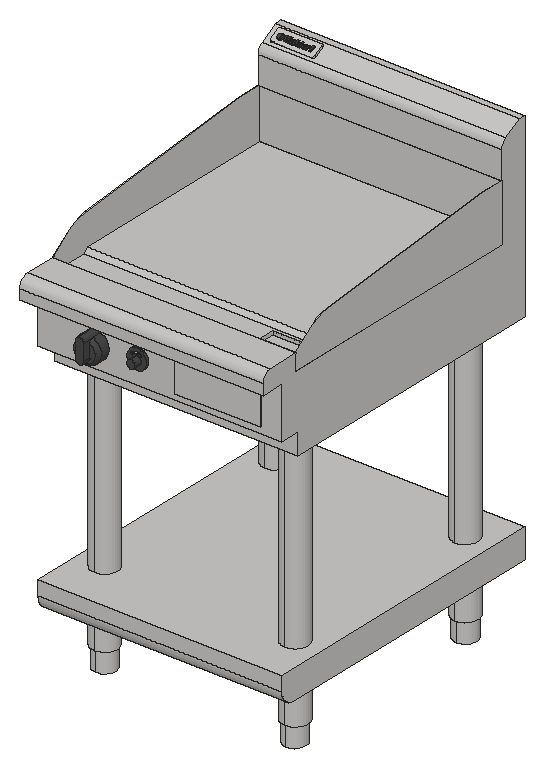
Revit family "QF_MOFFAT WALDORF_GP8600G-LS", category Specialty Equipment, Revit 2012
Parameters
  Weight in Pounds = 238.099  # constant formula
  Width [instance] = 600.00 mm  # constant formula
  URL Cutsheet = "www.moffat.com"
  URL = "www.moffat.com"
  Type Mark [instance] = ""
  Status [instance] = ""
  Specification by User [instance] = ""
  Specification by Manufacturer = ""
  Show Logo [instance] = yes
  Show Casters [instance] = no
  Serial Number = ""
  Seismic Rating = ""
  SMACNA No = ""
  Revision Code [instance] = ""
  Omniclass Number and Title = ""
  NAFEM Spec ID Number = ""
  Model = "GP8600G-LS"
  Mechanical Remarks = ""
  Mechanical Connection Type = ""
  Masterspec = ""
  Manufacturer = "MOFFAT WALDORF"
  Legs [instance] = not(Show Casters)  # yes
  Item Number [instance] = ""
  Installed By [instance] = ""
  Identify Quantity as Lot [instance] = yes
  Height = 1130.00 mm  # constant formula
  Gas Size = 3/4"
  Gas RI Height = 0.00 mm
  Gas KW = 14.7
  Gas Input = 50234.0 Btu/h
  Gas Connection Height = 0.00 mm
  Furnished By [instance] = ""
  Foodservice Equipment Identifier [instance] = yes
  Description = "GRIDDLE PLATE GAS ON LEG STAND"
  Depth [instance] = 805.00 mm  # constant formula
  CSI MasterFormat = ""
  CSI Master Format = ""
  Back Splash [instance] = 215.00 mm  # constant formula
Reference planes
  plane 1 "BACK": y = 0
  plane 2: z = 0
  plane 3 "LEFT": x = 0
  plane 4 "RIGHT": x = 600
  plane 5 "FRONT": y = -805
  plane 6 "TOP": z = 1130
  plane 7 "Center Y": x = 300
  plane 8 "Center X": y = -402.5
  plane 9 "Base Height": z = 150
  plane 10: z = 915
  plane 11: x = 65
  plane 12: x = 534
  plane 13: y = -625
  plane 14: y = -100
  plane 15: x = 470
  plane 16: z = 655
  plane 17: y = -32
Forms (mm)
  Extrusion 1, solid, material "QF_Finishes_Stainless Steel"
    sketch origin (0, 0, 0) x (0, 1, 0) y (0, 0, 1)
      loop
        line (0, 222.5) -> (-749, 222.5) -> (-749, 188)
        arc (-749, 188) -> (-737.87, 161.13) -> (-711, 150) r 38
        line (-711, 150) -> (0, 150) -> (0, 222.5)
      loop
        line (-805, 891) -> (-805, 866) -> (-749, 866) -> (-749, 740) -> (-699, 740) -> (-699, 685) -> (0, 685) -> (0, 1130) -> (-16.5, 1130) -> (-58, 1106.04)
        arc (-58, 1106.04) -> (-66.785, 1097.255) -> (-70, 1085.255) r 24
        line (-70, 1085.255) -> (-70, 875) -> (-705, 875) -> (-705, 915) -> (-781, 915)
        arc (-781, 915) -> (-797.971, 907.971) -> (-805, 891) r 24
    from 0 to 600
  Extrusion 2, solid, material "QF_Finishes_Stainless Steel"
    sketch origin (0, -699, 222.5) x (0, -1, 0) y (1, 0, 0)
      loop
        circle (-599, 65) r 31.75
      loop
        circle (-599, 534) r 31.75
      loop
        circle (-74, 65) r 31.75
      loop
        circle (-74, 534) r 31.75
    from 0 to 462.5
  Revolve 3, solid, material "QF_Finishes_Stainless Steel", visible <- "Legs"
    sketch origin (534, -210, 0) x (0, 1, 0) y (0, 0, -1)
      loop
        line (78.25, -150) -> (110, -150) -> (110, 0) -> (82.5, 0) -> (82.5, -50) -> (78.25, -50) -> (78.25, -150)
      axis (110, -150) -> (110, 0)
    angle from 0 to 360
  Revolve 4, solid, material "QF_Finishes_Stainless Steel"
    sketch origin (534, -735, 0) x (0, 1, 0) y (0, 0, -1)
      loop
        line (78.25, -150) -> (110, -150) -> (110, 0) -> (82.5, 0) -> (82.5, -50) -> (78.25, -50) -> (78.25, -150)
      axis (110, -150) -> (110, 0)
    angle from 0 to 360
  Revolve 5, solid, material "QF_Finishes_Stainless Steel", visible <- "Legs"
    sketch origin (65, -210, 0) x (0, 1, 0) y (0, 0, -1)
      loop
        line (78.25, -150) -> (110, -150) -> (110, 0) -> (82.5, 0) -> (82.5, -50) -> (78.25, -50) -> (78.25, -150)
      axis (110, -150) -> (110, 0)
    angle from 0 to 360
  Revolve 6, solid, material "QF_Finishes_Stainless Steel"
    sketch origin (65, -735, 0) x (0, 1, 0) y (0, 0, -1)
      loop
        line (78.25, -150) -> (110, -150) -> (110, 0) -> (82.5, 0) -> (82.5, -50) -> (78.25, -50) -> (78.25, -150)
      axis (110, -150) -> (110, 0)
    angle from 0 to 360
  Revolve 7, solid, material "QF_Finishes_Black"
    sketch origin (150, 0, 602.373) x (0, 1, 0) y (0, 0, -1)
      loop
        line (-782, -229.5) -> (-759, -229.5) -> (-759, -202) -> (-749, -202) -> (-749, -197) -> (-793, -197) -> (-793, -223.651) -> (-782, -229.5)
      axis (-793, -197) -> (-749, -197)
    angle from 0 to 360
  Extrusion 8, solid, material "QF_Finishes_Black"
    sketch origin (288.27, 0, 602.531) x (-1, 0, 0) y (0, 0, -1)
      loop
        arc (148.269, -184.969) -> (138.269, -174.969) -> (128.269, -184.969) r 10
        line (128.269, -184.969) -> (128.269, -223.969)
        arc (128.269, -223.969) -> (138.269, -233.969) -> (148.269, -223.969) r 10
        line (148.269, -223.969) -> (148.269, -184.969)
    from 759 to 808
  Extrusion 9, solid, material "QF_Finishes_Stainless Steel"
    sketch origin (0, -749, 866) x (0, 0, -1) y (1, 0, 0)
      loop
        line (24, 340) -> (111, 340) -> (111, 550) -> (24, 550) -> (24, 340)
    from 0 to 2.5
  Extrusion 10, solid, material "QF_Finishes_Stainless Steel"
    sketch origin (0, -751.5, 866) x (0, 0, -1) y (1, 0, 0)
      loop
        line (31, 550) -> (24, 550) -> (24, 340) -> (31, 340) -> (31, 550)
    from 0 to 5
  Extrusion 11, solid, material "QF_Finishes_Black"
    sketch origin (0, -749, 866) x (0, 0, -1) y (1, 0, 0)
      loop
        circle (66.25, 247.5) r 24
      loop
        arc (56.35, 262.413) -> (48.314, 247.625) -> (56.132, 232.719) r 17.868
        arc (56.132, 232.719) -> (56.612, 232.434) -> (57.127, 232.649) r 0.621
        arc (57.127, 232.649) -> (58.564, 235.208) -> (58.908, 238.122) r 7.495
        arc (58.908, 238.122) -> (58.704, 239.05) -> (58.256, 239.888) r 3.472
        arc (58.256, 239.888) -> (55.964, 247.351) -> (58.094, 254.862) r 13.786
        arc (58.094, 254.862) -> (58.734, 256.132) -> (58.999, 257.528) r 5.101
        arc (58.999, 257.528) -> (58.628, 260.047) -> (57.334, 262.239) r 6.611
        arc (57.334, 262.239) -> (56.872, 262.497) -> (56.35, 262.413) r 0.806
    from 0 to 5
  Extrusion 12, solid, material "QF_Finishes_Black"
    sketch origin (0, -754, 866) x (0, 0, -1) y (1, 0, 0)
      loop
        circle (69.75, 247.5) r 10
    from 0 to 18.251
  Extrusion 13, solid, material "QF_Finishes_Stainless Steel"
    sketch origin (0, -699, 685) x (1, 0, 0) y (0, -1, 0)
      loop
        circle (470, -667) r 13.5
    from 0 to 30
Cuts and joins
  joined: Extrusion 9, Extrusion 10
Lines and regions (mm)
  Split face 1
    outline origin (12.5, -16.5, 1130) x (0, -0.866025, -0.5) y (1, 0, 0)
      loop
        line (5.391, 151.462) -> (40.361, 151.462) -> (40.361, 169.241) -> (5.391, 169.241) -> (5.391, 151.462)
  Split face 2
    outline origin (66.25, -16.5, 1130) x (0, -0.866025, -0.5) y (1, 0, 0)
      loop
        line (5.391, 151.462) -> (40.361, 151.462) -> (40.361, 169.241) -> (5.391, 169.241) -> (5.391, 151.462)
  Split face 3
    outline origin (120, -16.5, 1130) x (0, -0.866025, -0.5) y (1, 0, 0)
      loop
        line (5.391, 151.462) -> (40.361, 151.462) -> (40.361, 169.241) -> (5.391, 169.241) -> (5.391, 151.462)
  Split face 4
    outline origin (173.75, -16.5, 1130) x (0, -0.866025, -0.5) y (1, 0, 0)
      loop
        line (5.391, 151.462) -> (40.361, 151.462) -> (40.361, 169.241) -> (5.391, 169.241) -> (5.391, 151.462)
  Split face 5
    outline origin (227.5, -16.5, 1130) x (0, -0.866025, -0.5) y (1, 0, 0)
      loop
        line (5.391, 151.462) -> (40.361, 151.462) -> (40.361, 169.241) -> (5.391, 169.241) -> (5.391, 151.462)
  Split face 6
    outline origin (281.25, -16.5, 1130) x (0, -0.866025, -0.5) y (1, 0, 0)
      loop
        line (5.391, 151.462) -> (40.361, 151.462) -> (40.361, 169.241) -> (5.391, 169.241) -> (5.391, 151.462)
  Split face 7
    outline origin (335, -16.5, 1130) x (0, -0.866025, -0.5) y (1, 0, 0)
      loop
        line (5.391, 151.462) -> (40.361, 151.462) -> (40.361, 169.241) -> (5.391, 169.241) -> (5.391, 151.462)
  symbolic lines
    curve 1: line (0, 0, 0) -> (0, -805, 0)
    curve 2: line (600, 0, 0) -> (0, 0, 0)
    curve 3: line (600, -805, 0) -> (600, 0, 0)
    curve 4: line (0, -70, 0) -> (600, -70, 0)
    curve 5: line (0, -805, 0) -> (600, -805, 0)
    curve 6: line (12.5, -20.958, 0) -> (121.5, -20.958, 0)
    curve 7: line (12.5, -51.234, 0) -> (12.5, -20.958, 0)
    curve 8: line (121.5, -20.958, 0) -> (121.5, -51.234, 0)
    curve 9: line (12.5, -51.234, 0) -> (121.5, -51.234, 0)
    curve 10: line (181.741, -21.168, 0) -> (181.741, -51.453, 0)
    curve 11: line (181.741, -51.453, 0) -> (163.962, -51.453, 0)
    curve 12: line (163.962, -51.453, 0) -> (163.962, -21.168, 0)
    curve 13: line (163.962, -21.168, 0) -> (181.741, -21.168, 0)
    curve 14: line (217.712, -51.453, 0) -> (217.712, -21.168, 0)
    curve 15: line (217.712, -21.168, 0) -> (235.491, -21.168, 0)
    curve 16: line (235.491, -21.168, 0) -> (235.491, -51.453, 0)
    curve 17: line (235.491, -51.453, 0) -> (217.712, -51.453, 0)
    curve 18: line (271.462, -51.453, 0) -> (271.462, -21.168, 0)
    curve 19: line (271.462, -21.168, 0) -> (289.241, -21.168, 0)
    curve 20: line (289.241, -21.168, 0) -> (289.241, -51.453, 0)
    curve 21: line (289.241, -51.453, 0) -> (271.462, -51.453, 0)
    curve 22: line (325.212, -21.168, 0) -> (325.212, -51.453, 0)
    curve 23: line (325.212, -51.453, 0) -> (342.991, -51.453, 0)
    curve 24: line (342.991, -51.453, 0) -> (342.991, -21.168, 0)
    curve 25: line (342.991, -21.168, 0) -> (325.212, -21.168, 0)
    curve 26: line (378.962, -51.453, 0) -> (378.962, -21.168, 0)
    curve 27: line (378.962, -21.168, 0) -> (396.741, -21.168, 0)
    curve 28: line (396.741, -21.168, 0) -> (396.741, -51.453, 0)
    curve 29: line (396.741, -51.453, 0) -> (378.962, -51.453, 0)
    curve 30: line (432.712, -21.168, 0) -> (432.712, -51.453, 0)
    curve 31: line (432.712, -51.453, 0) -> (450.491, -51.453, 0)
    curve 32: line (450.491, -51.453, 0) -> (450.491, -21.168, 0)
    curve 33: line (450.491, -21.168, 0) -> (432.712, -21.168, 0)
    curve 34: line (486.462, -51.453, 0) -> (486.462, -21.168, 0)
    curve 35: line (486.462, -21.168, 0) -> (504.241, -21.168, 0)
    curve 36: line (504.241, -21.168, 0) -> (504.241, -51.453, 0)
    curve 37: line (504.241, -51.453, 0) -> (486.462, -51.453, 0)
Dimensions and locks
  equal spacing: plane 3 "LEFT", plane 7 "Center Y", plane 4 "RIGHT"
  "Width": plane 3 "LEFT" to plane 4 "RIGHT"
  equal spacing: plane 5 "FRONT", plane 8 "Center X", plane 1 "BACK"
  "Depth": plane 5 "FRONT" to plane 1 "BACK"
  locked: plane 10 to level at 915
  locked: plane 9 "Base Height" to level at 150
  plane 6 "TOP" to nested 1 to nested 1 to plane 10 = 1.099 mm locked, 17.226 mm locked, 196.675 mm
  plane 13 to plane 14 = 525.00 mm
  plane 12 to plane 11 = 469.00 mm
  "Height": plane 6 "TOP" to level
  plane 15 to plane 4 "RIGHT" = 130.00 mm
  plane 16 to level = 655.00 mm
  plane 17 to plane 1 "BACK" = 32.00 mm
  aligned and locked: level to plane 2
Automatic sketch dimensions
  plane 1 "BACK" to curve 1 = 0.00 mm
  curve 1 to plane 3 "LEFT" = 0.00 mm
  curve 3 to plane 4 "RIGHT" = 0.00 mm
  plane 5 "FRONT" to curve 5 = 0.00 mm
  plane 3 "LEFT" to curve 6 = 12.50 mm
  plane 11 to curve 9 = 56.50 mm
  plane 14 to curve 4 = 30.00 mm
  curve 4 to curve 7 = 18.766 mm
  plane 1 "BACK" to curve 6 = 20.958 mm
  Extrusion 1 sketch curve to plane 5 "FRONT" = 0.00 mm
  Extrusion 1 sketch curve to plane 10 = 0.00 mm
  Extrusion 1 sketch curve to plane 9 "Base Height" = 0.00 mm
  Extrusion 1 sketch curve to plane 6 "TOP" = 0.00 mm
  Extrusion 1 sketch curve to plane 1 "BACK" = 0.00 mm  (x2)
  Extrusion 1 sketch curve to plane 5 "FRONT" = 24.00 mm
  Extrusion 1 sketch curve to plane 5 "FRONT" = 56.00 mm  (x2)
  Extrusion 1 sketch curve to Extrusion 1 sketch curve = 38.00 mm
  Extrusion 1 sketch curve to Extrusion 1 sketch curve = 44.00 mm
  Extrusion 1 sketch curve to Extrusion 1 sketch curve = 50.00 mm
  plane 14 to Extrusion 1 sketch curve = 30.00 mm
  Extrusion 1 sketch curve to Extrusion 1 sketch curve = 12.00 mm  (x2)
  Extrusion 1 sketch curve to Extrusion 1 sketch curve = 16.50 mm
  Extrusion 1 sketch curve to Extrusion 1 sketch curve = 72.50 mm
  Extrusion 1 sketch curve to plane 10 = 230.00 mm
  Extrusion 1 sketch curve to Extrusion 1 sketch curve = 55.00 mm
  Extrusion 1 sketch curve to Extrusion 1 sketch curve = 25.00 mm
  Extrusion 1 sketch curve to plane 10 = 40.00 mm
  Extrusion 1 sketch curve to plane 6 "TOP" = 44.745 mm
  Extrusion 2 sketch curve to Extrusion 2 sketch curve = 0.00 mm  (x8)
  Extrusion 1 to Extrusion 2 sketch curve = 68.25 mm  (x2)
  Extrusion 2 sketch curve to Extrusion 2 sketch curve = 31.75 mm  (x4)
  Extrusion 1 to Extrusion 2 sketch curve = 155.75 mm  (x2)
  Extrusion 1 to Extrusion 2 sketch curve = 65.00 mm  (x2)
  Extrusion 1 to Extrusion 2 sketch curve = 66.00 mm  (x2)
  Revolve 3 sketch curve to plane 9 "Base Height" = 0.00 mm
  Revolve 3 sketch curve to level = 0.00 mm
  Revolve 3 sketch curve to plane 14 = 0.00 mm  (x2)
  Revolve 3 sketch curve to plane 14 = 27.50 mm
  Revolve 3 sketch curve to plane 14 = 31.75 mm
  level to Revolve 3 sketch curve = 50.00 mm
  Revolve 3 sketch curve to Revolve 3 sketch curve = 0.00 mm
  Revolve 3 sketch curve to Revolve 3 sketch curve = 55.00 mm
  Revolve 4 sketch curve to plane 9 "Base Height" = 0.00 mm
  Revolve 4 sketch curve to level = 0.00 mm
  Revolve 4 sketch curve to plane 13 = 0.00 mm  (x2)
  Revolve 4 sketch curve to plane 13 = 27.50 mm
  Revolve 4 sketch curve to plane 13 = 31.75 mm
  level to Revolve 4 sketch curve = 50.00 mm
  Revolve 4 sketch curve to Revolve 4 sketch curve = 0.00 mm
  Revolve 4 sketch curve to Revolve 4 sketch curve = 55.00 mm
  Revolve 5 sketch curve to plane 9 "Base Height" = 0.00 mm
  Revolve 5 sketch curve to level = 0.00 mm
  Revolve 5 sketch curve to plane 14 = 0.00 mm  (x2)
  Revolve 5 sketch curve to plane 14 = 27.50 mm
  Revolve 5 sketch curve to plane 14 = 31.75 mm
  level to Revolve 5 sketch curve = 50.00 mm
  Revolve 5 sketch curve to Revolve 5 sketch curve = 0.00 mm
  Revolve 5 sketch curve to Revolve 5 sketch curve = 55.00 mm
  Revolve 6 sketch curve to plane 9 "Base Height" = 0.00 mm
  Revolve 6 sketch curve to level = 0.00 mm
  Revolve 6 sketch curve to plane 13 = 0.00 mm  (x2)
  Revolve 6 sketch curve to plane 13 = 27.50 mm
  Revolve 6 sketch curve to plane 13 = 31.75 mm
  level to Revolve 6 sketch curve = 50.00 mm
  Revolve 6 sketch curve to Revolve 6 sketch curve = 0.00 mm
  Revolve 6 sketch curve to Revolve 6 sketch curve = 55.00 mm
  Extrusion 1 to Split face 1 sketch curve = 5.391 mm
  Split face 1 sketch curve to Extrusion 1 = 7.559 mm
  Split face 1 sketch curve to Extrusion 1 = 163.962 mm
  Split face 1 sketch curve to Split face 1 sketch curve = 17.779 mm
  Extrusion 1 to Split face 2 sketch curve = 5.391 mm
  Split face 2 sketch curve to Extrusion 1 = 7.559 mm
  Split face 2 sketch curve to Extrusion 1 = 217.712 mm
  Split face 2 sketch curve to Split face 2 sketch curve = 17.779 mm
  Extrusion 1 to Split face 3 sketch curve = 5.391 mm
  Split face 3 sketch curve to Extrusion 1 = 7.559 mm
  Split face 3 sketch curve to Extrusion 1 = 271.462 mm
  Split face 3 sketch curve to Split face 3 sketch curve = 17.779 mm
  Extrusion 1 to Split face 4 sketch curve = 5.391 mm
  Split face 4 sketch curve to Extrusion 1 = 7.559 mm
  Split face 4 sketch curve to Extrusion 1 = 274.788 mm
  Split face 4 sketch curve to Split face 4 sketch curve = 17.779 mm
  Extrusion 1 to Split face 5 sketch curve = 5.391 mm
  Split face 5 sketch curve to Extrusion 1 = 7.559 mm
  Split face 5 sketch curve to Extrusion 1 = 221.038 mm
  Split face 5 sketch curve to Split face 5 sketch curve = 17.779 mm
  Extrusion 1 to Split face 6 sketch curve = 5.391 mm
  Split face 6 sketch curve to Extrusion 1 = 7.559 mm
  Split face 6 sketch curve to Extrusion 1 = 167.288 mm
  Split face 6 sketch curve to Split face 6 sketch curve = 17.779 mm
  Extrusion 1 to Split face 7 sketch curve = 5.391 mm
  Split face 7 sketch curve to Extrusion 1 = 7.559 mm
  Split face 7 sketch curve to Extrusion 1 = 113.538 mm
  Split face 7 sketch curve to Split face 7 sketch curve = 17.779 mm
  curve 8 to curve 12 = 42.462 mm
  curve 12 to curve 13 = 17.779 mm
  curve 12 to curve 8 = 0.219 mm
  plane 1 "BACK" to curve 10 = 21.168 mm
  curve 10 to curve 15 = 35.971 mm
  curve 14 to curve 17 = 17.779 mm
  curve 10 to curve 17 = 0.00 mm
  plane 1 "BACK" to curve 15 = 21.168 mm
  curve 18 to plane 7 "Center Y" = 28.538 mm
  curve 21 to plane 7 "Center Y" = 10.759 mm
  curve 16 to curve 18 = 0.00 mm
  plane 1 "BACK" to curve 20 = 21.168 mm
  plane 7 "Center Y" to curve 23 = 25.212 mm
  curve 22 to curve 25 = 17.779 mm
  plane 14 to curve 24 = 48.547 mm
  plane 1 "BACK" to curve 25 = 21.168 mm
  curve 24 to curve 27 = 35.971 mm
  curve 26 to curve 29 = 17.779 mm
  plane 14 to curve 29 = 48.547 mm
  plane 1 "BACK" to curve 26 = 21.168 mm
  curve 28 to curve 30 = 35.971 mm
  curve 30 to curve 33 = 17.779 mm
  plane 14 to curve 32 = 48.547 mm
  plane 1 "BACK" to curve 33 = 21.168 mm
  curve 31 to curve 34 = 35.971 mm
  curve 34 to curve 37 = 17.779 mm
  plane 14 to curve 37 = 48.547 mm
  plane 1 "BACK" to curve 34 = 21.168 mm
  Revolve 7 sketch curve to plane 5 "FRONT" = 12.00 mm
  Revolve 7 sketch curve to Revolve 7 sketch curve = 0.00 mm  (x2)
  Revolve 7 sketch curve to Revolve 7 sketch curve = 11.00 mm
  Revolve 7 sketch curve to Revolve 7 sketch curve = 12.70 mm
  Revolve 7 sketch curve to Revolve 7 sketch curve = 23.00 mm
  Revolve 7 sketch curve to Revolve 7 sketch curve = 10.00 mm
  plane 9 "Base Height" to Revolve 7 sketch curve = 681.873 mm
  Revolve 7 sketch curve to Revolve 7 sketch curve = 5.849 mm
  Revolve 7 sketch curve to Revolve 7 sketch curve = 27.50 mm
  Revolve 7 sketch curve to Revolve 7 sketch curve = 5.00 mm
  plane 11 to Extrusion 8 sketch curve = 95.001 mm
  Extrusion 8 sketch curve to Extrusion 8 sketch curve = 10.00 mm
  plane 9 "Base Height" to Extrusion 8 sketch curve = 676.50 mm
  plane 9 "Base Height" to Extrusion 8 sketch curve = 637.50 mm
  Extrusion 10 sketch curve to Extrusion 9 = 0.00 mm  (x2)
  Extrusion 9 to Extrusion 10 sketch curve = 0.00 mm
  Extrusion 10 sketch curve to Extrusion 9 = 7.00 mm
  Extrusion 1 to Extrusion 11 sketch curve = 51.437 mm
  Extrusion 11 sketch curve to Extrusion 11 sketch curve = 0.958 mm
  Extrusion 11 sketch curve to Extrusion 11 sketch curve = 1.509 mm
  Extrusion 11 sketch curve to Extrusion 11 sketch curve = 4.01 mm
  Extrusion 11 sketch curve to Extrusion 11 sketch curve = 0.685 mm
  Extrusion 11 sketch curve to Extrusion 11 sketch curve = 2.447 mm
  Extrusion 11 sketch curve to Extrusion 11 sketch curve = 0.524 mm
  Extrusion 11 sketch curve to Extrusion 11 sketch curve = 0.381 mm
  Extrusion 11 sketch curve to Extrusion 11 sketch curve = 0.472 mm
  Extrusion 11 sketch curve to Extrusion 11 sketch curve = 0.00 mm  (x5)
  Extrusion 11 sketch curve to Extrusion 11 sketch curve = 0.602 mm
  Extrusion 11 sketch curve to Extrusion 11 sketch curve = 4.19 mm
  Extrusion 11 sketch curve to Extrusion 11 sketch curve = 2.809 mm
  Extrusion 11 sketch curve to Extrusion 11 sketch curve = 0.652 mm
  Extrusion 11 sketch curve to Extrusion 11 sketch curve = 0.905 mm
  Extrusion 11 sketch curve to Extrusion 11 sketch curve = 8.087 mm
  Extrusion 11 sketch curve to Extrusion 11 sketch curve = 0.069 mm
  Extrusion 11 sketch curve to Extrusion 11 sketch curve = 3.50 mm
  Extrusion 1 to Extrusion 11 sketch curve = 232.649 mm
  Extrusion 11 sketch curve to Extrusion 11 sketch curve = 0.07 mm
  Extrusion 11 sketch curve to Extrusion 11 sketch curve = 7.606 mm
  Extrusion 11 sketch curve to Extrusion 11 sketch curve = 0.007 mm
  Extrusion 1 to Extrusion 9 sketch curve = 24.00 mm
  Extrusion 9 sketch curve to Extrusion 1 = 15.00 mm
  Extrusion 1 to Extrusion 9 sketch curve = 260.00 mm
  Extrusion 1 to Extrusion 9 sketch curve = 50.00 mm
  Extrusion 13 sketch curve to Extrusion 1 = 32.00 mm
  Extrusion 13 sketch curve to Extrusion 1 = 130.00 mm
  radius of Extrusion 12 sketch curve to Extrusion 11 = 3.786 mm
  radius of Extrusion 11 sketch curve = 24.00 mm
  radius of Extrusion 13 sketch curve = 13.50 mm
Nested families
  nested 1: "WALDORF-LOGO" at (12.5, -35.273, 1102.604), visible <- "Show Logo", type "WALDORF-LOGO", detail levels medium+fine
    with Type Mark "", Status "", Specification by User "", Revision Code "", Item Number "", Installed By "", Identify Quantity as Lot yes, Furnished By "", Foodservice Equipment Identifier yes
  nested 2: "GP8600G-LS-CASTERS" at (65, -127.5, 0), Show Casters <- "Show Casters", visible <- "Show Casters", type "GP8600G-LS-CASTERS"
    with Type Mark "", Status "", Specification by User "", Show Casters no, Revision Code "", Item Number "", Installed By "", Identify Quantity as Lot yes, Furnished By "", Foodservice Equipment Identifier yes
  nested 3: "GP8600G-LS-CASTERS" at (535, -127.5, 0), Show Casters <- "Show Casters", visible <- "Show Casters", type "GP8600G-LS-CASTERS"
    with Type Mark "", Status "", Specification by User "", Show Casters no, Revision Code "", Item Number "", Installed By "", Identify Quantity as Lot yes, Furnished By "", Foodservice Equipment Identifier yes
  nested 4: "GAS GRIDDLE PLATE" at (0, -70, 884.5), type "GAS GRIDDLE PLATE"
    with Type Mark "", Status "", Specification by User "", Show Clearance yes, Revision Code "", Number of Poles 1, Mechanical Remarks "", Mechanical Connection Type "", Item Number "", Installed By "", Identify Quantity as Lot yes, Gas RI Height 0.00 mm, Gas KW 0, Gas Input 0.0 Btu/h, Furnished By "", Foodservice Equipment Identifier yes, Electrical Remarks "", Electric Connection Type "", Elec Conn RI Height 0.00 mm, Elec Conn Connection Height 0.00 mm
Connectors
  piping at (470, -32, 655)
    settings: on Extrusion 13, index 1, connector radius 0.37402", flow factor 0, pipe flow 0 GPM, pressure drop 0.00 psi, fitting loss kfactor 0, connector angle 0.00°, fixture units 0, engagement length 0.00 mm, flow configuration 1, flow direction 1, fitting loss method 0, system type 7, joint type 0, gender type 0, connector reference index -1, connector utility 0, adjustable connector no, is connector primary yes, fitting loss table "", connector description "GAS CONNECTION"
Definition of nested family "WALDORF-LOGO"
  Parameters (values of type "BT8300-CB-LOGO")
    Weight in Pounds = 0
    URL Cutsheet = ""
    Type Mark [instance] = ""
    Status [instance] = ""
    Specification by User [instance] = ""
    Specification by Manufacturer = ""
    Show Logo [instance] = yes
    Serial Number = ""
    Seismic Rating = ""
    SMACNA No = ""
    Revision Code [instance] = ""
    Omniclass Number and Title = ""
    NAFEM Spec ID Number = ""
    Masterspec = ""
    Item Number [instance] = ""
    Installed By [instance] = ""
    Identify Quantity as Lot [instance] = yes
    Furnished By [instance] = ""
    Foodservice Equipment Identifier [instance] = yes
    CSI MasterFormat = ""
    CSI Master Format = ""
  Reference planes
    plane 1 "BACK": y = 0
    plane 2: z = 0
    plane 3 "LEFT": x = 0
    plane 4 "RIGHT": x = 109
    plane 5 "FRONT": y = -1.588
    plane 6 "TOP": z = 34.14
    plane 7 "Center Y": x = 54.5
    plane 8 "Center X": y = -0.794
  Forms (mm)
    Extrusion 1, solid, material "QF_Finishes_Stainless Steel", visible <- "Show Logo"
      sketch origin (0, -15.16, 7.701) x (1, 0, 0) y (0, 0.863373, 0.504566)
        loop
          arc (5, 34.14) -> (1.464, 32.676) -> (0, 29.14) r 5
          line (0, 29.14) -> (0, 5)
          arc (0, 5) -> (1.464, 1.464) -> (5, 0) r 5
          line (5, 0) -> (104, 0)
          arc (104, 0) -> (107.536, 1.464) -> (109, 5) r 5
          line (109, 5) -> (109, 29.14)
          arc (109, 29.14) -> (107.536, 32.676) -> (104, 34.14) r 5
          line (104, 34.14) -> (5, 34.14)
      from 0 to 1.588
    Extrusion 2, solid, material "QF_Finishes_Black", visible <- "Show Logo"
      sketch origin (0, -15.961, 9.072) x (1, 0, 0) y (0, 0.863373, 0.504566)
        loop
          line (24.772, 23.214) -> (27.992, 10.301) -> (31.551, 10.301) -> (33.443, 17.364) -> (35.205, 10.301) -> (39.332, 10.301) -> (42.077, 23.214) -> (38.352, 23.214) -> (36.676, 15.33) -> (35, 23.214) -> (31.752, 23.214) -> (30.076, 15.33) -> (28.4, 23.214) -> (24.772, 23.214)
        loop
          line (42.272, 17.055) -> (45.703, 17.055)
          spline (45.703, 17.055) -> (45.741, 17.285) -> (45.852, 17.499) -> (46.028, 17.682) -> (46.258, 17.823) -> (46.526, 17.912) -> (46.813, 17.942) -> (47.1, 17.912) -> (47.368, 17.823) -> (47.597, 17.682) -> (47.774, 17.499) -> (47.884, 17.285) -> (47.922, 17.055)
          line (47.922, 17.055) -> (47.922, 16.222)
          arc (47.922, 16.222) -> (45.742, 16.014) -> (43.665, 15.317) r 9.604
          arc (43.665, 15.317) -> (41.924, 12.809) -> (43.665, 10.301) r 2.677
          arc (43.665, 10.301) -> (45.527, 10.353) -> (47.332, 10.816) r 8.365
          line (47.332, 10.816) -> (48.092, 11.105) -> (48.092, 10.301) -> (51.817, 10.301) -> (51.817, 17.055)
          spline (51.817, 17.055) -> (51.654, 17.821) -> (51.178, 18.535) -> (50.419, 19.148) -> (49.431, 19.619) -> (48.28, 19.914) -> (47.044, 20.015) -> (45.809, 19.914) -> (44.658, 19.619) -> (43.67, 19.148) -> (42.911, 18.535) -> (42.434, 17.821) -> (42.272, 17.055)
        loop
          line (53.151, 23.214) -> (53.151, 10.301) -> (57.37, 10.301) -> (57.37, 23.214) -> (53.151, 23.214)
        loop
          line (64.874, 23.214) -> (64.874, 18.857)
          arc (64.874, 18.857) -> (58.083, 15.11) -> (64.874, 11.363) r 4.429
          line (64.874, 11.363) -> (64.874, 10.301) -> (68.378, 10.301) -> (68.378, 23.214) -> (64.874, 23.214)
        loop
          arc (64.874, 16.083) -> (61.41, 14.987) -> (64.874, 13.891) r 1.905
          line (64.874, 13.891) -> (64.874, 16.083)
        loop
          circle (74.623, 15.223) r 5
        loop
          spline (74.623, 17.856) -> (74.355, 17.766) -> (74.105, 17.503) -> (73.891, 17.084) -> (73.726, 16.539) -> (73.623, 15.904) -> (73.588, 15.223) -> (73.623, 14.541) -> (73.726, 13.906) -> (73.891, 13.361) -> (74.105, 12.942) -> (74.355, 12.679) -> (74.623, 12.59)
          spline (74.623, 12.59) -> (74.891, 12.679) -> (75.141, 12.942) -> (75.355, 13.361) -> (75.52, 13.906) -> (75.623, 14.541) -> (75.659, 15.223) -> (75.623, 15.904) -> (75.52, 16.539) -> (75.355, 17.084) -> (75.141, 17.503) -> (74.891, 17.766) -> (74.623, 17.856)
        loop
          line (81.255, 19.813) -> (81.255, 10.301) -> (84.834, 10.301) -> (84.834, 14.176)
          arc (84.834, 14.176) -> (85.854, 16.093) -> (88.013, 16.32) r 2.313
          line (88.013, 16.32) -> (88.013, 19.813) -> (87.161, 19.813)
          arc (87.161, 19.813) -> (85.526, 19.266) -> (84.549, 17.844) r 2.717
          line (84.549, 17.844) -> (84.549, 19.813) -> (81.255, 19.813)
        loop
          line (90.249, 19.813) -> (88.91, 19.813) -> (88.91, 17.614) -> (90.249, 17.614) -> (90.249, 10.301) -> (93.998, 10.301) -> (93.998, 17.614) -> (95.418, 17.614) -> (95.418, 19.813) -> (93.998, 19.813)
          arc (93.998, 19.813) -> (94.414, 20.817) -> (95.418, 21.233) r 1.42
          line (95.418, 21.233) -> (95.418, 23.602) -> (93.317, 23.602)
          arc (93.317, 23.602) -> (91.343, 22.903) -> (90.249, 21.118) r 3.137
          line (90.249, 21.118) -> (90.249, 19.813)
        loop
          arc (15.241, 23.571) -> (8.392, 16.525) -> (15.241, 9.479) r 7.049
          line (15.241, 9.479) -> (15.241, 23.571)
        loop
          line (15.641, 23.571) -> (15.641, 9.479)
          arc (15.641, 9.479) -> (22.49, 16.525) -> (15.641, 23.571) r 7.049
        loop
          arc (47.922, 14.711) -> (46.266, 13.749) -> (47.922, 12.787) r 1.107
          line (47.922, 12.787) -> (47.922, 14.711)
      from 0 to 0.2
  Dimensions and locks
    equal spacing: plane 3 "LEFT", plane 7 "Center Y", plane 4 "RIGHT"
    plane 3 "LEFT" to plane 4 "RIGHT" = 109.00 mm
    equal spacing: plane 5 "FRONT", plane 8 "Center X", plane 1 "BACK"
    plane 5 "FRONT" to plane 1 "BACK" = 1.588 mm
    aligned and locked: level to plane 2
  Automatic sketch dimensions
    Extrusion 1 sketch curve to plane 3 "LEFT" = 0.00 mm
    Extrusion 1 sketch curve to plane 4 "RIGHT" = 0.00 mm
    plane 3 "LEFT" to Extrusion 1 sketch curve = 5.00 mm  (x2)
    plane 4 "RIGHT" to Extrusion 1 sketch curve = 5.00 mm  (x2)
    Extrusion 1 sketch curve to Extrusion 1 sketch curve = 24.14 mm
    Extrusion 2 sketch curve to Extrusion 2 sketch curve = 0.00 mm  (x14)
    Extrusion 2 sketch curve to Extrusion 1 = 15.241 mm
    Extrusion 2 sketch curve to Extrusion 2 sketch curve = 0.20 mm
    Extrusion 2 sketch curve to Extrusion 2 sketch curve = 0.40 mm
    Extrusion 2 sketch curve to Extrusion 2 sketch curve = 9.131 mm
    Extrusion 2 sketch curve to Extrusion 1 = 10.301 mm  (x2)
    Extrusion 2 sketch curve to Extrusion 2 sketch curve = 12.351 mm
    Extrusion 2 sketch curve to Extrusion 2 sketch curve = 3.628 mm
    Extrusion 2 sketch curve to Extrusion 2 sketch curve = 2.084 mm
    Extrusion 2 sketch curve to Extrusion 2 sketch curve = 3.559 mm
    Extrusion 2 sketch curve to Extrusion 1 = 10.926 mm  (x2)
    Extrusion 2 sketch curve to Extrusion 2 sketch curve = 3.352 mm  (x2)
    Extrusion 2 sketch curve to Extrusion 2 sketch curve = 3.367 mm
    Extrusion 2 sketch curve to Extrusion 2 sketch curve = 3.249 mm
    Extrusion 2 sketch curve to Extrusion 2 sketch curve = 3.654 mm
    Extrusion 2 sketch curve to Extrusion 1 = 15.33 mm
    Extrusion 2 sketch curve to Extrusion 2 sketch curve = 3.233 mm
    Extrusion 2 sketch curve to Extrusion 2 sketch curve = 4.128 mm
    Extrusion 2 sketch curve to Extrusion 2 sketch curve = 3.725 mm
    Extrusion 2 sketch curve to Extrusion 2 sketch curve = 5.596 mm
    Extrusion 2 sketch curve to Extrusion 2 sketch curve = 4.333 mm
    Extrusion 2 sketch curve to Extrusion 2 sketch curve = 1.394 mm
    Extrusion 2 sketch curve to Extrusion 2 sketch curve = 2.092 mm
    Extrusion 2 sketch curve to Extrusion 2 sketch curve = 0.936 mm
    Extrusion 2 sketch curve to Extrusion 2 sketch curve = 1.34 mm
    Extrusion 2 sketch curve to Extrusion 2 sketch curve = 1.109 mm
    Extrusion 2 sketch curve to Extrusion 2 sketch curve = 0.232 mm
    Extrusion 2 sketch curve to Extrusion 2 sketch curve = 2.731 mm
    Extrusion 2 sketch curve to Extrusion 2 sketch curve = 0.549 mm  (x2)
    Extrusion 2 sketch curve to Extrusion 2 sketch curve = 0.407 mm
    Extrusion 2 sketch curve to Extrusion 2 sketch curve = 0.76 mm
    Extrusion 2 sketch curve to Extrusion 2 sketch curve = 1.334 mm
    Extrusion 2 sketch curve to Extrusion 2 sketch curve = 4.219 mm
    Extrusion 2 sketch curve to Extrusion 2 sketch curve = 5.142 mm
    Extrusion 2 sketch curve to Extrusion 2 sketch curve = 0.803 mm
    Extrusion 2 sketch curve to Extrusion 2 sketch curve = 1.558 mm
    Extrusion 2 sketch curve to Extrusion 2 sketch curve = 3.504 mm
    Extrusion 2 sketch curve to Extrusion 2 sketch curve = 6.245 mm
    Extrusion 2 sketch curve to Extrusion 2 sketch curve = 6.632 mm
    Extrusion 2 sketch curve to Extrusion 2 sketch curve = 3.294 mm
    Extrusion 2 sketch curve to Extrusion 2 sketch curve = 3.579 mm
    Extrusion 2 sketch curve to Extrusion 2 sketch curve = 2.313 mm
    Extrusion 2 sketch curve to Extrusion 2 sketch curve = 2.612 mm
    Extrusion 2 sketch curve to Extrusion 2 sketch curve = 0.852 mm
    Extrusion 2 sketch curve to Extrusion 2 sketch curve = 0.897 mm
    Extrusion 2 sketch curve to Extrusion 2 sketch curve = 3.102 mm
    Extrusion 2 sketch curve to Extrusion 2 sketch curve = 1.338 mm
    Extrusion 2 sketch curve to Extrusion 2 sketch curve = 3.068 mm
    Extrusion 2 sketch curve to Extrusion 2 sketch curve = 0.681 mm
    Extrusion 2 sketch curve to Extrusion 2 sketch curve = 3.749 mm
    Extrusion 2 sketch curve to Extrusion 2 sketch curve = 1.42 mm
    Extrusion 2 sketch curve to Extrusion 2 sketch curve = 5.029 mm  (x2)
    Extrusion 2 sketch curve to Extrusion 1 = 9.479 mm
    Extrusion 2 sketch curve to Extrusion 2 sketch curve = 3.681 mm
    Extrusion 2 sketch curve to Extrusion 2 sketch curve = 0.515 mm
    Extrusion 2 sketch curve to Extrusion 2 sketch curve = 0.804 mm
    Extrusion 2 sketch curve to Extrusion 2 sketch curve = 1.062 mm
    Extrusion 2 sketch curve to Extrusion 2 sketch curve = 1.682 mm
    Extrusion 2 sketch curve to Extrusion 2 sketch curve = 2.508 mm
    Extrusion 2 sketch curve to Extrusion 2 sketch curve = 0.962 mm
    Extrusion 2 sketch curve to Extrusion 2 sketch curve = 2.528 mm
    Extrusion 2 sketch curve to Extrusion 2 sketch curve = 3.875 mm
    Extrusion 2 sketch curve to Extrusion 2 sketch curve = 1.096 mm
    Extrusion 2 sketch curve to Extrusion 2 sketch curve = 0.123 mm
    Extrusion 2 sketch curve to Extrusion 2 sketch curve = 4.922 mm
    Extrusion 2 sketch curve to Extrusion 2 sketch curve = 7.046 mm
    Extrusion 2 sketch curve to Extrusion 2 sketch curve = 0.833 mm
    Extrusion 2 sketch curve to Extrusion 2 sketch curve = 0.776 mm
    Extrusion 2 sketch curve to Extrusion 2 sketch curve = 2.034 mm
    Extrusion 2 sketch curve to Extrusion 2 sketch curve = 7.314 mm
    Extrusion 2 sketch curve to Extrusion 2 sketch curve = 1.295 mm
    Extrusion 2 sketch curve to Extrusion 2 sketch curve = 0.749 mm
    Extrusion 2 sketch curve to Extrusion 2 sketch curve = 2.633 mm
    Extrusion 2 sketch curve to Extrusion 2 sketch curve = 2.198 mm  (x2)
    Extrusion 2 sketch curve to Extrusion 2 sketch curve = 1.968 mm
    Extrusion 2 sketch curve to Extrusion 2 sketch curve = 0.653 mm
    Extrusion 2 sketch curve to Extrusion 2 sketch curve = 1.305 mm
    Extrusion 2 sketch curve to Extrusion 2 sketch curve = 4.357 mm
    Extrusion 2 sketch curve to Extrusion 2 sketch curve = 6.159 mm
    radius of Extrusion 2 sketch curve = 5.00 mm
Definition of nested family "GAS GRIDDLE PLATE"
  Parameters (values of type "Family2")
    Weight in Pounds = 0
    Watts = 0 W
    Volts = 0 V
    URL Cutsheet = ""
    Type Mark [instance] = ""
    Status [instance] = ""
    Specification by User [instance] = ""
    Specification by Manufacturer = ""
    Show Clearance [instance] = yes
    Serial Number = ""
    Seismic Rating = ""
    SMACNA No = ""
    Revision Code [instance] = ""
    Phase = 1
    Omniclass Number and Title = ""
    Number of Poles [instance] = 1
    NAFEM Spec ID Number = ""
    Min Ckt Ampacity = 0 A
    Mechanical Remarks [instance] = ""
    Mechanical Connection Type [instance] = ""
    Max Overcurrent Protection = 0 A
    Masterspec = ""
    Item Number [instance] = ""
    Installed By [instance] = ""
    Identify Quantity as Lot [instance] = yes
    HP = ""
    Gas Size = 0"
    Gas RI Height [instance] = 0.00 mm
    Gas KW [instance] = 0
    Gas Input [instance] = 0.0 Btu/h
    Gas Connection Height = 0.00 mm
    Furnished By [instance] = ""
    Foodservice Equipment Identifier [instance] = yes
    FL Amps = 0 A
    Electrical Remarks [instance] = ""
    Electric Connection Type [instance] = ""
    Elec Conn RI Height [instance] = 0.00 mm
    Elec Conn Connection Height [instance] = 0.00 mm
    Cycle = 0 Hz
    Conn Plug = ""
    Conn Conduit = yes
    CSI MasterFormat = ""
    CSI Master Format = ""
    Apparent Power = if(Phase = 3, Volts * FL Amps * 1.73, Volts * FL Amps)  # 0 VA
  Reference planes
    plane 1 "BACK": y = 0
    plane 2: z = 0
    plane 3 "LEFT": x = 0
    plane 4 "RIGHT": x = 600
    plane 5 "FRONT": y = -634.4
    plane 6 "TOP": z = 142.5
    plane 7 "Center Y": x = 300
    plane 8 "Center X": y = -317.2
  Forms (mm)
    Extrusion 1, solid, material "QF_Finishes_Stainless Steel"
      sketch origin (0, 70.003, -884.5) x (0, 1, 0) y (0, 0, 1)
        loop
          line (-70, 875) -> (-70, 1017.5) -> (-126.948, 1017.5) -> (-604.433, 971.523)
          arc (-604.433, 971.523) -> (-629.46, 965.803) -> (-652.206, 953.899) r 100
          line (-652.206, 953.899) -> (-704.403, 917.35) -> (-704.403, 875) -> (-70, 875)
      from 0 to 1.8
    Extrusion 2, solid, material "QF_Finishes_Stainless Steel"
      sketch origin (600, 70.003, -884.5) x (0, -1, 0) y (0, 0, 1)
        loop
          line (70, 875) -> (704.403, 875) -> (704.403, 917.35) -> (652.206, 953.899)
          arc (652.206, 953.899) -> (629.46, 965.803) -> (604.433, 971.523) r 100
          line (604.433, 971.523) -> (126.948, 1017.5) -> (70, 1017.5) -> (70, 875)
      from 0 to 1.2
    Extrusion 3, solid, material "QF_Finishes_Stainless Steel"
      sketch origin (150, 70.003, -884.5) x (0, 1, 0) y (0, 0, 1)
        loop
          line (-70, 895) -> (-601, 895) -> (-611.5, 884.5) -> (-704.403, 884.5) -> (-704.403, 875) -> (-70, 875) -> (-70, 895)
      from -148.2 to 448.8
    Extrusion 4, void
      sketch origin (150, -541.497, 0) x (0, -1, 0) y (1, 0, 0)
        loop
          line (10, 414.3) -> (10, 325.8) -> (48.5, 325.8) -> (48.5, 414.3) -> (10, 414.3)
      from -41.4 to 40.142
    Extrusion 5, solid, material "QF_Finishes_Stainless Steel"
      sketch origin (150, 0.003, 201.574) x (0, 0, -1) y (1, 0, 0)
        loop
          line (68.574, -148.2) -> (191.074, -148.2) -> (191.074, 448.8) -> (68.574, 448.8) -> (68.574, -148.2)
      from 0 to 1.683
  Cuts and joins
    Extrusion 4 cuts Extrusion 3
  Lines and regions (mm)
    symbolic lines
      curve 1: line (598.8, -530.997, 0) -> (1.8, -530.997, 0)
      curve 2: line (1.8, -541.497, 0) -> (598.8, -541.497, 0)
      curve 3: line (475.8, -551.497, 0) -> (475.8, -589.997, 0)
      curve 4: line (475.8, -589.997, 0) -> (564.3, -589.997, 0)
      curve 5: line (564.3, -589.997, 0) -> (564.3, -551.497, 0)
      curve 6: line (564.3, -551.497, 0) -> (475.8, -551.497, 0)
      curve 7: line (1.8, -1.68, 0) -> (598.8, -1.68, 0)
      curve 8: line (598.8, 0, 0) -> (598.8, -634.4, 0)
      curve 9: line (1.8, -634.4, 0) -> (1.8, 0, 0)
      curve 10: line (1.8, -634.4, 0) -> (598.8, -634.4, 0)
  Dimensions and locks
    equal spacing: plane 3 "LEFT", plane 7 "Center Y", plane 4 "RIGHT"
    plane 3 "LEFT" to plane 4 "RIGHT" = 600.00 mm
    equal spacing: plane 5 "FRONT", plane 8 "Center X", plane 1 "BACK"
    plane 5 "FRONT" to plane 1 "BACK" = 634.40 mm
    aligned and locked: level to plane 2
  Automatic sketch dimensions
    plane 1 "BACK" to Extrusion 1 sketch curve = 634.40 mm
    plane 1 "BACK" to Extrusion 1 sketch curve = 582.203 mm
    Extrusion 1 sketch curve to Extrusion 1 sketch curve = 47.773 mm
    Extrusion 1 sketch curve to level = 12.516 mm
    Extrusion 1 sketch curve to Extrusion 1 sketch curve = 9.585 mm
    Extrusion 1 sketch curve to plane 6 "TOP" = 9.50 mm
    Extrusion 1 sketch curve to Extrusion 1 sketch curve = 477.485 mm
    Extrusion 1 sketch curve to level = 9.50 mm
    Extrusion 1 sketch curve to Extrusion 1 sketch curve = 56.948 mm
    level to Extrusion 1 sketch curve = 32.85 mm
    Extrusion 1 sketch curve to Extrusion 1 sketch curve = 36.549 mm
    plane 1 "BACK" to Extrusion 2 sketch curve = 634.40 mm
    plane 1 "BACK" to Extrusion 2 sketch curve = 582.203 mm
    Extrusion 2 sketch curve to Extrusion 2 sketch curve = 47.773 mm
    Extrusion 2 sketch curve to level = 12.516 mm
    Extrusion 2 sketch curve to Extrusion 2 sketch curve = 57.358 mm
    Extrusion 2 sketch curve to plane 6 "TOP" = 9.50 mm
    Extrusion 2 sketch curve to Extrusion 2 sketch curve = 477.485 mm
    Extrusion 2 sketch curve to level = 9.50 mm
    Extrusion 2 sketch curve to Extrusion 2 sketch curve = 56.948 mm
    level to Extrusion 2 sketch curve = 32.85 mm
    Extrusion 2 sketch curve to Extrusion 2 sketch curve = 36.549 mm
    plane 1 "BACK" to Extrusion 3 sketch curve = 634.40 mm
    Extrusion 3 sketch curve to level = 0.00 mm
    plane 1 "BACK" to Extrusion 3 sketch curve = 541.497 mm
    Extrusion 3 sketch curve to Extrusion 3 sketch curve = 10.50 mm
    Extrusion 3 sketch curve to level = 9.50 mm
    Extrusion 3 sketch curve to Extrusion 3 sketch curve = 531.00 mm
    level to Extrusion 3 sketch curve = 10.50 mm
    Extrusion 3 to Extrusion 4 sketch curve = 10.00 mm
    Extrusion 4 sketch curve to Extrusion 4 sketch curve = 38.50 mm
    Extrusion 3 to Extrusion 4 sketch curve = 123.00 mm
    Extrusion 3 to Extrusion 4 sketch curve = 34.50 mm
    plane 3 "LEFT" to Extrusion 5 sketch curve = 598.80 mm
    Extrusion 5 sketch curve to plane 6 "TOP" = 9.50 mm
    level to Extrusion 5 sketch curve = 10.50 mm
    Extrusion 5 sketch curve to Extrusion 5 sketch curve = 597.00 mm
    plane 5 "FRONT" to curve 10 = 0.00 mm
    plane 3 "LEFT" to curve 1 = 1.80 mm
    curve 4 to plane 5 "FRONT" = 44.403 mm
    plane 4 "RIGHT" to curve 4 = 124.20 mm
    plane 4 "RIGHT" to curve 5 = 35.70 mm
    plane 4 "RIGHT" to curve 8 = 1.20 mm
    curve 3 to curve 3 = 38.50 mm
    curve 9 to curve 2 = 92.903 mm
    curve 2 to curve 1 = 10.50 mm
    plane 1 "BACK" to curve 9 = 0.00 mm
    curve 7 to curve 9 = 0.00 mm
    plane 1 "BACK" to curve 8 = 0.00 mm
    plane 4 "RIGHT" to curve 7 = 1.20 mm
    plane 1 "BACK" to curve 7 = 1.68 mm
Definition of nested family "GP8600G-LS-CASTERS"
  Parameters (values of type "BT8600-LS-CASTERS")
    Weight = ""
    URL Manufacturer = ""
    URL Cutsheet = ""
    URL = ""
    Type Mark [instance] = ""
    Status [instance] = ""
    Specification by User [instance] = ""
    Specification by Manufacturer = ""
    Show Casters [instance] = no
    Serial Number = ""
    Seismic Rating = ""
    SMACNA No = ""
    Revision Code [instance] = ""
    Omniclass Number and Title = ""
    NAFEM Spec ID Number = ""
    Model = ""
    MasterSpec. = ""
    Manufacturer = ""
    Item Number [instance] = ""
    Installed By [instance] = ""
    Identify Quantity as Lot [instance] = yes
    Furnished By [instance] = ""
    Foodservice Equipment Identifier [instance] = yes
    Description = ""
    CSI MasterFormat = ""
    CSI Master Format = ""
    Assembly Code = ""
  Reference planes
    plane 1: z = 0
    plane 2 "RIGHT": x = 0
    plane 3 "FRONT": y = 0
    plane 4 "Base Height": z = 150
  Forms (mm)
    Revolve 1, solid, material "QF_Finishes_Stainless Steel", visible <- "Show Casters"
      sketch origin (0, 56.335, 0) x (0, 1, 0) y (0, 0, 1)
        loop
          line (-56.335, 152.4) -> (-56.335, 141.118) -> (-23.798, 141.118) -> (-23.798, 152.4) -> (-56.335, 152.4)
        axis (-56.335, 141.118) -> (-56.335, 152.4)
      angle from 0 to 360
    Extrusion 2, solid, material "QF_Finishes_Stainless Steel", visible <- "Show Casters"
      sketch origin (-46.049, 56.335, 0) x (0, 1, 0) y (0, 0, 1)
        loop
          line (-85.799, 141.118) -> (-85.799, 133.498) -> (-82.136, 133.498)
          arc (-82.136, 133.498) -> (-79.344, 132.328) -> (-77.146, 130.248) r 8.432
          line (-77.146, 130.248) -> (-39.502, 49.52)
          arc (-39.502, 49.52) -> (-13.784, 46.107) -> (-5.673, 70.75) r 20.32
          arc (-5.673, 70.75) -> (-7.065, 73.611) -> (-8.887, 76.22) r 20.32
          arc (-8.887, 76.22) -> (-9.399, 85.377) -> (-6.626, 94.119) r 25.4
          line (-6.626, 94.119) -> (8.003, 121.632)
          arc (8.003, 121.632) -> (-2.347, 126.31) -> (-13.34, 129.167) r 66.802
          line (-13.34, 129.167) -> (-13.765, 133.498) -> (-26.871, 133.498) -> (-26.871, 141.118) -> (-85.799, 141.118)
      from 20.058 to 22.923
    Extrusion 3, solid, material "QF_Finishes_Stainless Steel", visible <- "Show Casters"
      sketch origin (3.326, 56.335, 0) x (0, 1, 0) y (0, 0, 1)
        loop
          line (-85.799, 141.118) -> (-85.799, 133.498) -> (-82.136, 133.498)
          arc (-82.136, 133.498) -> (-79.344, 132.328) -> (-77.146, 130.248) r 8.432
          line (-77.146, 130.248) -> (-39.502, 49.52)
          arc (-39.502, 49.52) -> (-13.784, 46.107) -> (-5.673, 70.75) r 20.32
          arc (-5.673, 70.75) -> (-7.065, 73.611) -> (-8.887, 76.22) r 20.32
          arc (-8.887, 76.22) -> (-9.399, 85.377) -> (-6.626, 94.119) r 25.4
          line (-6.626, 94.119) -> (8.003, 121.632)
          arc (8.003, 121.632) -> (-2.347, 126.31) -> (-13.34, 129.167) r 66.802
          line (-13.34, 129.167) -> (-13.765, 133.498) -> (-26.871, 133.498) -> (-26.871, 141.118) -> (-85.799, 141.118)
      from 20.058 to 22.923
    Extrusion 4, solid, material "QF_Finishes_Stainless Steel", visible <- "Show Casters"
      sketch origin (-49.224, 56.335, 0) x (0, 1, 0) y (0, 0, 1)
        loop
          line (-85.799, 141.118) -> (-85.799, 133.498) -> (-82.136, 133.498) -> (-18.877, 127.964) -> (7.14, 120.01) -> (8.003, 121.632)
          arc (8.003, 121.632) -> (-2.347, 126.31) -> (-13.34, 129.167) r 66.802
          line (-13.34, 129.167) -> (-13.765, 133.498) -> (-26.871, 133.498) -> (-26.871, 141.118) -> (-85.799, 141.118)
      from 26.098 to 72.56
    Revolve 5, solid, material "QF_Finishes_Stainless Steel", visible <- "Show Casters"
      sketch origin (-49.224, 30.821, 0) x (1, 0, 0) y (0, 0, 1)
        loop
          line (14.841, 63.604) -> (83.584, 63.604) -> (83.584, 67.109) -> (82.314, 68.379) -> (80.79, 68.379) -> (80.79, 71.826) -> (68.644, 71.826) -> (68.644, 81.79) -> (65.088, 83.843) -> (61.683, 104.879) -> (65.881, 104.879) -> (65.881, 111.229) -> (65.088, 111.229) -> (65.088, 117.579)
          arc (65.088, 117.579) -> (62.298, 124.314) -> (55.563, 127.104) r 9.525
          line (55.563, 127.104) -> (42.863, 127.104)
          arc (42.863, 127.104) -> (36.127, 124.314) -> (33.338, 117.579) r 9.525
          line (33.338, 117.579) -> (33.338, 111.229) -> (32.544, 111.229) -> (32.544, 104.879) -> (36.742, 104.879) -> (33.352, 83.932) -> (29.782, 81.871) -> (29.782, 71.826) -> (17.635, 71.826) -> (17.635, 68.379) -> (16.111, 68.379) -> (14.841, 67.109) -> (14.841, 63.604)
        axis (14.841, 63.604) -> (83.584, 63.604)
      angle from 0 to 360
  Cuts and joins
    joined: Extrusion 2, Extrusion 3, Extrusion 4
  Lines and regions (mm)
    symbolic lines, style "SpecialityEquipmentHiddenLines", visible <- "Show Casters"
      curve 1: line (18.009, 67.053, 0) -> (45.595, 51.127, 0)
      curve 2: line (-45.491, -42.932, 0) -> (18.009, 67.053, 0)
      curve 3: line (-17.905, -58.859, 0) -> (-45.491, -42.932, 0)
      curve 4: line (45.595, 51.127, 0) -> (-17.905, -58.859, 0)
  Dimensions and locks
    plane 4 "Base Height" to level = 150.00 mm  (x2)
    Revolve 5 sketch curve to Revolve 5 sketch curve = 63.50 mm
    aligned and locked: level to plane 1
